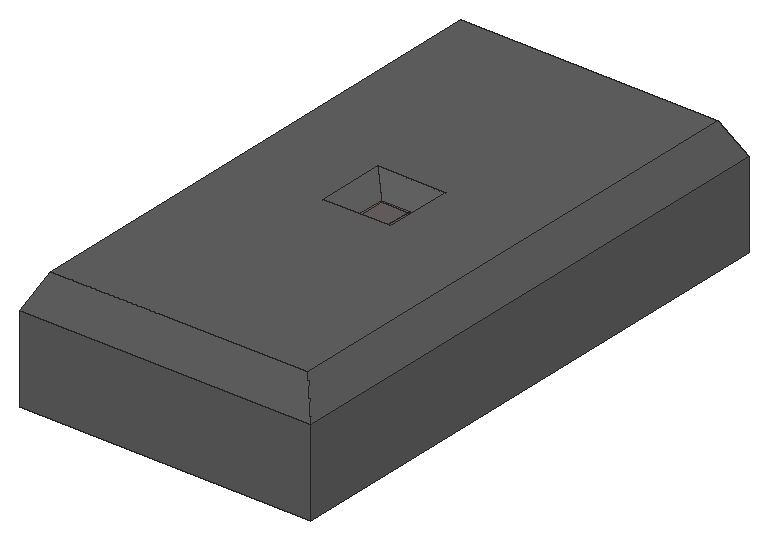
Revit family "Smartcard Reader_Delta3_Farpointe_R15", category Security Devices, host Face, Revit 2015
Parameters
  Width = 1.7"
  URL - Quick Start Guides [instance] = "http://farpointedata.com/downloads/qsg_and_ref/SmartcardReaders_QSG.pdf"
  URL - Mounting Guides Letter Size [instance] = "http://farpointedata.com/downloads/mounting_guides/MountingGuide_Delta3_Ltr.pdf"
  URL - Mounting Guides A4 Size [instance] = "http://farpointedata.com/downloads/mounting_guides/MountingGuide_Delta3_A4.pdf"
  URL - Data Sheets [instance] = "http://farpointedata.com/downloads/datasheets/Delta3_TDS.pdf"
  URL - Bid Specifications [instance] = "http://farpointedata.com/downloads/bid_specs/Farpointe_Delta_Specification.docx"
  URL = "http://www.farpointedata.com/"
  Modeled By [instance] = "www.commensestudio.com"
  Model = "Delta3 Contactless Smartcard Reader"  # constant formula
  Manufacturer = "Farpointe Data"  # constant formula
  LED [instance] = LED
  Height = 3.2"
  Description = "Mullion Mount"  # constant formula
  Depth = 0.7"
  Default Elevation = 48"
  Cover [instance] = Cover
Reference planes (in)
  plane 1 "Center (Front/Back)": y = 0
  plane 2: z = 0
  plane 3 "Center (Left/Right)": x = 0
  plane 4: x = -0.85
  plane 5: x = 0.85
  plane 6: y = 1.6
  plane 7: y = -1.6
  plane 8: z = 0.7
  plane 9: z = 0.6
Forms (in)
  Extrusion 1, solid, material "Cover" <- "Cover"
    sketch origin (0, 0, 0) x (1, 0, 0) y (0, 1, 0)
      loop
        line (-0.85, -1.6) -> (0.85, -1.6) -> (0.85, 1.6) -> (-0.85, 1.6) -> (-0.85, -1.6)
    from 0 to 0.5
  Blend 2, solid, material "Cover" <- "Cover"
    base sketch origin (0, 0, 0) x (1, 0, 0) y (0, 1, 0)
      loop
        line (-0.85, 1.6) -> (-0.85, -1.6) -> (0.85, -1.6) -> (0.85, 1.6) -> (-0.85, 1.6)
    top sketch origin (0, 0, 0) x (1, 0, 0) y (0, 1, 0)
      loop
        line (-0.75, 1.5) -> (-0.75, -1.5) -> (0.75, -1.5) -> (0.75, 1.5) -> (-0.75, 1.5)
    from 0.5 to 0.7
  Extrusion 3, solid, material "LED" <- "LED"
    sketch origin (0, 0, 0) x (1, 0, 0) y (0, 1, 0)
      loop
        line (0.085, -0.085) -> (0.085, 0.085) -> (-0.085, 0.085) -> (-0.085, -0.085) -> (0.085, -0.085)
    from 0.5 to 0.61
  Blend 4, void
    base sketch origin (0, 0, 0) x (1, 0, 0) y (0, 1, 0)
      loop
        line (-0.085, 0.085) -> (-0.085, -0.085) -> (0.085, -0.085) -> (0.085, 0.085) -> (-0.085, 0.085)
    top sketch origin (0, 0, 0) x (1, 0, 0) y (0, 1, 0)
      loop
        line (-0.19907, 0.19907) -> (-0.19907, -0.19907) -> (0.19907, -0.19907) -> (0.19907, 0.19907) -> (-0.19907, 0.19907)
    from 0.6 to 0.7
Cuts and joins
  Blend 4 cuts Extrusion 1
  Blend 4 cuts Blend 2
Dimensions and locks (in)
  equal spacing: plane 7, plane 1 "Center (Front/Back)", plane 6
  equal spacing: plane 4, plane 3 "Center (Left/Right)", plane 5
  "Height": plane 7 to plane 6
  "Width": plane 4 to plane 5
  "Depth": plane 8 to level
  locked: plane 8 to plane 9 at 0.1
  aligned and locked: plane 2 to host face
  aligned and locked: level to host face
Automatic sketch dimensions
  Extrusion 1 sketch curve to plane 4 = 0"
  Extrusion 1 sketch curve to plane 5 = 0"
  plane 7 to Extrusion 1 sketch curve = 0"
  plane 6 to Extrusion 1 sketch curve = 0"
  Blend 2 sketch curve to plane 4 = 0"
  Blend 2 sketch curve to plane 5 = 0"
  plane 7 to Blend 2 sketch curve = 0"
  plane 6 to Blend 2 sketch curve = 0"
  plane 4 to Blend 2 sketch curve = 0.1"
  Blend 2 sketch curve to plane 5 = 0.1"
  Blend 2 sketch curve to plane 7 = 0.1"
  plane 6 to Blend 2 sketch curve = 0.1"
  Extrusion 3 sketch curve to plane 3 "Center (Left/Right)" = 0.085"
  plane 3 "Center (Left/Right)" to Extrusion 3 sketch curve = 0.085"
  plane 1 "Center (Front/Back)" to Extrusion 3 sketch curve = 0.085"
  Extrusion 3 sketch curve to plane 1 "Center (Front/Back)" = 0.085"
  Blend 4 sketch curve to plane 3 "Center (Left/Right)" = 0.085"
  plane 3 "Center (Left/Right)" to Blend 4 sketch curve = 0.085"
  plane 1 "Center (Front/Back)" to Blend 4 sketch curve = 0.085"
  Blend 4 sketch curve to plane 1 "Center (Front/Back)" = 0.085"
  host sketch curve to host sketch curve = 8"  (x2)
Connectors (in)
  electrical at (0, 0, 0)
    settings: index 3, voltage 0 V, apparent load 0 VA, apparent load phase1 0 VA, apparent load phase2 0 VA, apparent load phase3 0 VA, power factor 1, load classification "Other", number of poles 1, system type 10, power factor state 1, is connector primary yes, connector utility no, sub classification motor no, connector description ""
